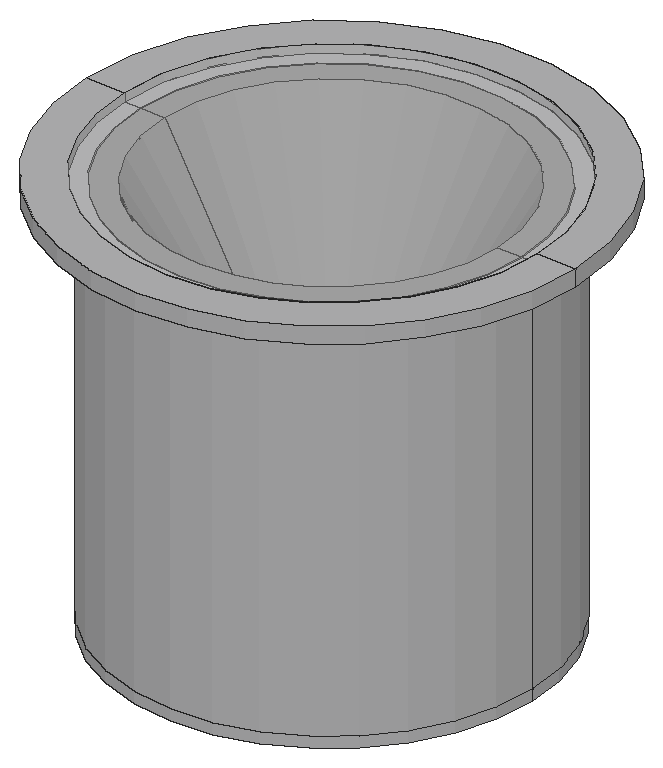
Revit family "2050661 Lighting Fixture_Sylvania_Myriad V LED_Ceiling Recessed", category Lighting Fixtures, host Face, Revit 2015
Parameters (values of type "MYRIAD SS HOUS 3000K ELEC")
  Weight = 0.37 kg  # constant formula
  Wattage = 18.932 W
  built-in parameter 1150110 = 1 (stored number, unit not read)
  Voltage Comments = "UNV (Universal Voltage; 220-240 Volt)"  # constant formula
  Voltage = 240 V  # constant formula
  URL = ""
  built-in parameter 1114217 = 1 (stored number, unit not read)
  Tilt Angle = -90.00°  # constant formula
  built-in parameter 1150109 = 1 (stored number, unit not read)
  built-in parameter 1150134 = (empty or 0)
  built-in parameter 1150113 = 1 (stored number, unit not read)
  Reflector Material = Steel_Sylvania_Myrad V LED_Chrome
  Recessed Depth = Height  # 72.0 mm
  Photometric Web File = "2050661_MYRIADVLED16W3KElectronic-90962.ies"
  Product Page URL = ""
  Product Family = "MYRIAD V LED - HOUSING ONLY"  # constant formula
  Photometry Comments = ""
  built-in parameter 1150105 = 77.588 (stored number, unit not read)
  Lumens = 975 lm
  built-in parameter 1150115 = 1 (stored number, unit not read)
  built-in parameter 1150137 = (empty or 0)
  built-in parameter 1150139 = (empty or 0)
  Life = "50 000"  # constant formula
  built-in parameter 1150112 = 1 (stored number, unit not read)
  built-in parameter 1150114 = 1 (stored number, unit not read)
  Lamp Comments = "15W Citizen Citiled neutral 4000K"
  LOR = "100%"  # constant formula
  Inner Radius = Cutout Radius - 2.0 mm  # 35.5 mm
  built-in parameter 1150132 = 2
  built-in parameter 1150102 = (empty or 0)
  built-in parameter 1150107 = 3000 (stored number, unit not read)
  built-in parameter 1150138 = (empty or 0)
  built-in parameter 1150106 = 0.77588 (stored number, unit not read)
  Emit from Circle Diameter = Diffuser Diameter  # 77.0 mm
  Emit Shape Visible in Rendering = no
  built-in parameter 1150104 = 4.7845 (stored number, unit not read)
  Dimming Lamp Color Temperature Shift = <None>
  Diffuser Diameter = Cutout Diameter + 2.0 mm  # 77.0 mm
  Cutout Radius = Cutout Diameter / 2  # 37.5 mm
  Cutout Diameter = 75.0 mm
  Color Filter = 16777215
  Body Material = Aluminum_Sylvania_Myrad V LED_Silver
  Beam Angle = 30.00°  # constant formula
  built-in parameter 1114218 = 1 (stored number, unit not read)
  built-in parameter 1150133 = 10 (stored number, unit not read)
  IP Rating = "IP20/44(with accessories)"  # constant formula
  Height = 72.0 mm
  Electrical Protection = "CLASS II"  # constant formula
  built-in parameter 1114216 [instance] = 1 (stored number, unit not read)
  Model = "2050661 MYRIAD SS HOUS 3000K ELEC"
  Manufacturer = "Feilo-Sylvania Group"
  Lamp = "Integrated LED"
  Diffuser Material = Polycarbonate_Sylvania_Myrad V LED_Clear
  Description = "New high output high efficiency LED downlight modules. IR/UV free light source without heat radiation. Energy efficient light source with far superior luminous flux per watt than existing Low Voltage Halogen. Long life up to 50K hours, fit and forget maintenance free lighting solution. Dimmable options including DALI as standard. IP44 & IP65 versions as standard options. New range of Architectural accessories each providing a different lit dimension. Choice of colour temperatures warm 3000K and neutral 4000K. Luminaires supplied complete with LED drivers. Emergency versions passes through cut out. New completely flush plaster up accessory ring for clean ceiling lines and smooth finish. Total circuit power I5W"  # constant formula
  Default Elevation = 0.0 mm
  built-in parameter 1140040 [instance] = 1
  Assembly Code = "D5020200"
  Apparent Load Comments = ""
  Apparent Load = 15 VA
Reference planes
  plane 1 "Center (Front/Back)": y = 0
  plane 2: z = 0
  plane 3 "Center (Left/Right)": x = 0
  plane 4 "Fixture Bottom": z = 3
  plane 5 "Diffuser": z = 1.454
  plane 6 "Fixture Top": z = -72
  plane 7 "Housing Thickness": z = -70
  plane 8 "Reflector Top": z = -33.546
Forms (mm)
  Extrusion 1, void
    sketch origin (0, 0, 58) x (-1, 0, 0) y (0, -1, 0)
      loop
        circle (0, 0) r 37.5
    from -130 to -55
  Revolve 2, solid, material "Aluminum_Sylvania_Myrad V LED_Silver" <- "Body Material", detail levels fine
    sketch origin (0, 0, 0) x (1, 0, 0) y (0, 0, 1)
      loop
        line (-45.521, 3) -> (-45.521, 0) -> (-37.5, 0) -> (-37.5, -70) -> (-35.537, -70) -> (-35.537, 1.454) -> (-38.5, 1.454) -> (-38.5, 3) -> (-45.521, 3)
      axis (0, 3) -> (0, -70)
    angle from 0 to 360
  Extrusion 3, solid, material "Aluminum_Sylvania_Myrad V LED_Silver" <- "Body Material", detail levels fine
    sketch origin (0, 0, 58) x (-1, 0, 0) y (0, -1, 0)
      loop
        circle (0, 0) r 37.5
    from -130 to -128
  Revolve 4, solid, material "Steel_Sylvania_Myrad V LED_Chrome" <- "Reflector Material", detail levels fine
    sketch origin (0, 0, 0) x (1, 0, 0) y (0, 0, 1)
      loop
        line (-35.5, -33.546) -> (0, -33.546) -> (0, -31.083) -> (-12.169, -31.083) -> (-31, 1.454) -> (-35.5, 1.454) -> (-35.5, -33.546)
      axis (0, 1.454) -> (0, -33.546)
    angle from 0 to 360
  Extrusion 5, solid, material "Polycarbonate_Sylvania_Myrad V LED_Clear" <- "Diffuser Material", detail levels fine
    sketch origin (0, 0, 58) x (-1, 0, 0) y (0, -1, 0)
      loop
        circle (0, 0) r 38.5
    from -56.546 to -55
  Revolve 6, solid, material "Aluminum_Sylvania_Myrad V LED_Silver" <- "Body Material", detail levels coarse+medium
    sketch origin (0, 0, 0) x (1, 0, 0) y (0, 0, 1)
      loop
        line (-45.521, 3) -> (-45.521, 0) -> (-37.5, 0) -> (-37.5, -72) -> (0, -72) -> (0, 3) -> (-45.521, 3)
      axis (0, 3) -> (0, -72)
    angle from 0 to 360
Cuts and joins
  joined: Revolve 2, Extrusion 3
Dimensions and locks
  locked: plane 4 "Fixture Bottom" to plane 2 at 3
  locked: plane 5 "Diffuser" to plane 2 at 1.454
  "Height": plane 2 to plane 6 "Fixture Top"
  plane 7 "Housing Thickness" to plane 6 "Fixture Top" = 2.0 mm
  "Cutout Radius": plane 3 "Center (Left/Right)" to Revolve 2 sketch curve
  locked: Revolve 2 sketch curve to Revolve 2 sketch curve at 1.963
  locked: Revolve 2 sketch curve to Revolve 2 sketch curve at 8.021
  locked: Revolve 4 sketch curve to Revolve 4 sketch curve at 2.463
  locked: Revolve 2 sketch curve to Revolve 2 sketch curve at 1
  "Inner Radius": plane 3 "Center (Left/Right)" to Revolve 4 sketch curve
  locked: Revolve 4 sketch curve to Revolve 4 sketch curve at 4.5
  locked: Revolve 4 sketch curve to Revolve 4 sketch curve at 23.331
  locked: plane 5 "Diffuser" to plane 8 "Reflector Top" at 35
  locked: Revolve 6 sketch curve to Revolve 6 sketch curve at 8.021
  "Cutout Radius": Revolve 6 sketch curve to imposter light
  "Cutout Diameter": diameter of Extrusion 1 sketch curve
  "Cutout Diameter": diameter of Extrusion 3 sketch curve
  "Diffuser Diameter": diameter of Extrusion 5 sketch curve
  aligned and locked: host face to plane 2
  aligned and locked: level to host face
  aligned and locked: Revolve 2 sketch curve to plane 4 "Fixture Bottom"
  aligned and locked: Revolve 2 sketch curve to plane 5 "Diffuser"
  aligned and locked: Revolve 2 sketch curve to plane 2
  aligned and locked: Revolve 2 sketch curve to plane 3 "Center (Left/Right)"
  aligned and locked: plane 7 "Housing Thickness" to Extrusion 3
  aligned and locked: Extrusion 3 to plane 6 "Fixture Top"
  aligned and locked: Revolve 2 sketch curve to plane 7 "Housing Thickness"
  aligned and locked: Revolve 4 sketch curve to plane 5 "Diffuser"
  aligned and locked: Revolve 4 sketch curve to plane 3 "Center (Left/Right)"  (x2)
  aligned and locked: Extrusion 5 to plane 5 "Diffuser"
  aligned and locked: plane 4 "Fixture Bottom" to Extrusion 5
  aligned and locked: Revolve 4 sketch curve to plane 8 "Reflector Top"
  aligned and locked: imposter light to plane 3 "Center (Left/Right)"
  aligned and locked: imposter light to plane 4 "Fixture Bottom"
  aligned and locked: imposter light to plane 1 "Center (Front/Back)"
  aligned and locked: Revolve 6 sketch curve to plane 6 "Fixture Top"
  aligned and locked: Revolve 6 sketch curve to imposter light  (x2)
  aligned and locked: Revolve 6 sketch curve to plane 2
  aligned and locked: imposter light to Extrusion 1
  aligned and locked: Extrusion 1 to plane 6 "Fixture Top"
Automatic sketch dimensions
  host sketch curve to host sketch curve = 345.0 mm
  host sketch curve to host sketch curve = 280.0 mm
  plane 1 "Center (Front/Back)" to Extrusion 1 sketch curve = 0.0 mm
  Extrusion 1 sketch curve to plane 3 "Center (Left/Right)" = 0.0 mm
  plane 8 "Reflector Top" to Revolve 2 sketch curve = 16.453 mm
  plane 4 "Fixture Bottom" to Revolve 2 sketch curve = 14.907 mm
  plane 1 "Center (Front/Back)" to Extrusion 3 sketch curve = 0.0 mm
  Extrusion 3 sketch curve to plane 3 "Center (Left/Right)" = 0.0 mm
  plane 4 "Fixture Bottom" to Revolve 4 sketch curve = 9.307 mm
  Revolve 4 sketch curve to Revolve 4 sketch curve = 25.0 mm
  plane 1 "Center (Front/Back)" to Extrusion 5 sketch curve = 0.0 mm
  Extrusion 5 sketch curve to plane 3 "Center (Left/Right)" = 0.0 mm
  Revolve 6 sketch curve to plane 3 "Center (Left/Right)" = 0.0 mm
  plane 8 "Reflector Top" to Revolve 6 sketch curve = 16.453 mm
  Revolve 6 sketch curve to Revolve 6 sketch curve = 14.907 mm
Connectors
  electrical at (0, 0, -72), driven by "Voltage", driven by "Apparent Load"
    settings: on cut or joined group of Revolve 2, Extrusion 3, index 1, voltage 240 V, apparent load 0 VA, apparent load phase1 15 VA, apparent load phase2 0 VA, apparent load phase3 0 VA, power factor 1, load classification "Lighting", number of poles 1, system type 31, power factor state 1, is connector primary yes, connector utility no, sub classification motor no, connector description ""
